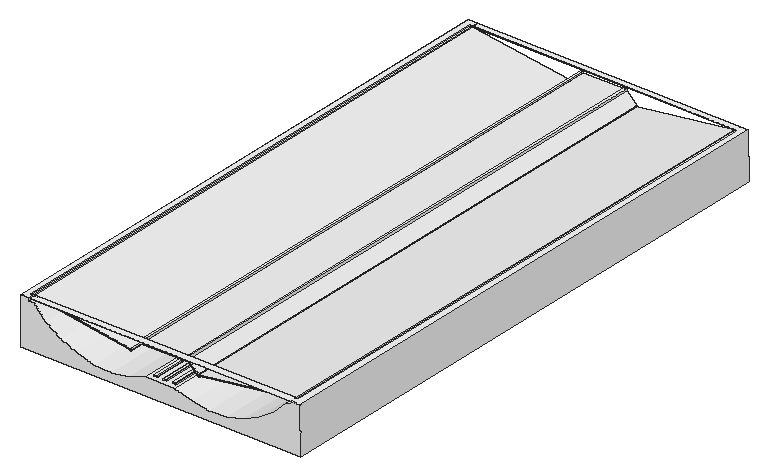
Revit family "MDM", category Lighting Fixtures, host Face, Revit 2014
Parameters (values of type "MDM24")
  Width = 24.00"
  Wattage Comments = ""
  Wattage = 9.2903 W
  Watt = 41 W
  Warranty = "Five year warranty (Terms and Conditions Apply)"  # constant formula
  built-in parameter 1150110 = 1 (stored number, unit not read)
  Voltage = "120-277V"
  URL = "https://www.hubbell.com/hubbellhealthcaresolutions/en"
  built-in parameter 1114217 = 1 (stored number, unit not read)
  Tilt Angle = 60.00°
  built-in parameter 1150109 = 1 (stored number, unit not read)
  built-in parameter 1150134 = 3
  built-in parameter 1150113 = 1 (stored number, unit not read)
  Start = -24.00"
  Product Page URL = "https://www.hubbell.com/hubbellhealthcaresolutions/en/Products/Lighting-Controls/Commercial-Indoor-Lighting/Recessed-Linear-Troffers/MediMode-PowerHUBB/p/2642296"
  Product Material = Paint - Hubbell - Matte White
  Product Documentation Link = "https://hubbellcdn.com/specsheet/HHS204_MEDIMODEPoE_SPEC.pdf"
  Photometric Web File = "generic"
  built-in parameter 1150142 = (empty or 0)
  Model = "MediMode™ PowerHUBB™"  # constant formula
  Manufacturer = "Healthcare Solutions"  # constant formula
  built-in parameter 1150105 = 109.82 (stored number, unit not read)
  Lumens = 1380 lm
  built-in parameter 1150115 = 1 (stored number, unit not read)
  built-in parameter 1150137 = (empty or 0)
  built-in parameter 1150139 = (empty or 0)
  Length = 48.00"
  built-in parameter 1150112 = 1 (stored number, unit not read)
  built-in parameter 1150114 = 1 (stored number, unit not read)
  Lamp = "LED"
  LED = Hubbell - Glass
  Inner Start = Start + 0.50"  # -23.50"
  Inner End = End - 0.50"  # 23.50"
  built-in parameter 1150132 = (empty or 0)
  built-in parameter 1150102 = (empty or 0)
  built-in parameter 1150107 = 3200 (stored number, unit not read)
  built-in parameter 1150138 = (empty or 0)
  built-in parameter 1150106 = 1.0982 (stored number, unit not read)
  Glass = Hubbell - Glass
  Fixture Life = "60,000 HRS"  # constant formula
  Features = "Provides ambient, reading and examination illumination for the patient bed environment\r\nPowerHUBB™ PoE Lighting and Control options available\r\nGrid and flange applications available\r\nAll compartments are lensed for visual comfort and ease of cleaning\r\nAn IP65 rated, full lensed door option further seals the luminairefor enhanced protection\r\nThe optical frame provides tool-less access to the electrical components for easy servicing\r\nStandard antimicrobial finish"  # constant formula
  End = 24.00"
  Emit from Rectangle Width = Width  # 24.00"
  Emit from Rectangle Length = Length  # 48.00"
  Emit Shape Visible in Rendering = no
  built-in parameter 1150104 = 13.8 (stored number, unit not read)
  Dimming Lamp Color Temperature Shift = <None>
  Description = "The MediMode provides the primary lighting needs for the patient environment. The ambient and reading compartment provide a low-glare even illumination while the dedicated compartment for exam lighting delivers 100+ fc for critical examination functions. A full lensed door is available with stainless steel hinge or secured by screws."  # constant formula
  Default Elevation = 48.00"
  Contact Us = "https://www.hubbell.com/hubbelllightingci/en/contactUs"
  Color Rendering Index = "80 CRI , 90CRI"
  Color Filter = 16777215
  Certification = "UL1598,cCSAus,CSA,Wet Loation Listed, IP65 w/Door"  # constant formula
  built-in parameter 1114218 = 1 (stored number, unit not read)
  built-in parameter 1150133 = 10 (stored number, unit not read)
  Application = "Healthcare"  # constant formula
  Apparent Load = 0 VA
Types (3): name | Watt | Start | Length | Inner Start | Inner End | End | Emit from Rectangle Length
  (no name) | 41 W | -24.00" | 48.00" | -23.50" | 23.50" | 24.00" | 48.00"
  MDM22 | 25 W | -12.00" | 24.00" | -11.50" | 11.50" | 12.00" | 24.00"
  MDM24 | 41 W | -24.00" | 48.00" | -23.50" | 23.50" | 24.00" | 48.00"
Reference planes (in)
  plane 1 "Center (Front/Back)": y = 0
  plane 2: z = 0
  plane 3 "Center (Left/Right)": x = 0
  plane 4: y = 24
  plane 5: y = -24
  plane 6: x = -12
  plane 7: x = 12
  plane 8: y = 23.5
  plane 9: x = -11.5
  plane 10: x = 11.5
  plane 11: y = -23.5
  plane 12: z = -2.57
Forms (in)
  Extrusion 1, void
    sketch origin (0, 0, 0) x (1, 0, 0) y (0, 1, 0)
      loop
        line (-12, 24) -> (-12, -24) -> (12, -24) -> (12, 24) -> (-12, 24)
    from -2.5 to 0
  Extrusion 2, solid, material "Hubbell - Glass" <- "Glass"
    sketch origin (0, 0, -2.75) x (1, 0, 0) y (0, 0, 1)
      loop
        line (-12, 2.75) -> (-12, -1.25) -> (12, -1.25) -> (12, 2.75) -> (11.25, 2.75) -> (11.25, 2.5) -> (10.85959, 2.5)
        arc (10.85959, 2.5) -> (6.43751, -0.24522) -> (1.25, 0.18) r 8.30626
        line (1.25, 0.18) -> (-1.25, 0.18)
        arc (-1.25, 0.18) -> (-6.43751, -0.24522) -> (-10.85959, 2.5) r 8.30626
        line (-10.85959, 2.5) -> (-11.25, 2.5) -> (-11.25, 2.75) -> (-12, 2.75)
    from -24 <- "Start" to 24 <- "End"
  Extrusion 3, solid, material "Paint - Hubbell - Matte White" <- "Product Material"
    sketch origin (0, 0, -0.04688) x (1, 0, 0) y (0, 1, 0)
      loop
        line (-12, 24) -> (-12, -24) -> (12, -24) -> (12, 24) -> (-12, 24)
      loop
        line (-11.5, 23.5) -> (-11.5, -23.5) -> (11.5, -23.5) -> (11.5, 23.5) -> (-11.5, 23.5)
    from 0 to 0.05
  Extrusion 4, solid, material "Hubbell - Glass" <- "Glass"
    sketch origin (0, 0, -2.75) x (1, 0, 0) y (0, 0, 1)
      loop
        line (1.77294, 2.50833) -> (-1.78956, 2.50833) -> (-1.78956, 2.25833) -> (1.77294, 2.25833) -> (1.77294, 2.50833)
      loop
        line (11.25, 2.75) -> (2.8916, 1.5753) -> (2.90167, 1.50369) -> (11.25, 2.67697) -> (11.25, 2.75)
      loop
        line (1.94581, 2.45206) -> (1.94581, 2.62489) -> (1.76612, 2.62489) -> (1.76612, 2.53009) -> (1.80835, 2.53009) -> (1.80835, 2.27395) -> (2.02221, 2.27395) -> (2.76675, 1.60566) -> (2.73716, 1.57551) -> (2.86971, 1.44541) -> (2.93281, 1.45404) -> (3.01094, 1.46503) -> (3.00515, 1.50616) -> (2.89853, 1.49117) -> (2.81728, 1.57091) -> (2.86756, 1.62213) -> (1.94581, 2.45206)
      loop
        line (-11.26662, 2.75) -> (-11.26662, 2.67697) -> (-2.91829, 1.50369) -> (-2.90822, 1.5753) -> (-11.26662, 2.75)
      loop
        line (-1.96243, 2.45206) -> (-2.88418, 1.62213) -> (-2.8339, 1.57091) -> (-2.91515, 1.49117) -> (-3.02177, 1.50616) -> (-3.02756, 1.46503) -> (-2.94943, 1.45404) -> (-2.88633, 1.44541) -> (-2.75378, 1.57551) -> (-2.78337, 1.60566) -> (-2.03883, 2.27395) -> (-1.82497, 2.27395) -> (-1.82497, 2.53009) -> (-1.78274, 2.53009) -> (-1.78274, 2.62489) -> (-1.96243, 2.62489) -> (-1.96243, 2.45206)
    from -23.5 <- "Inner Start" to 23.5 <- "Inner End"
  Extrusion 5, solid, material "Hubbell - Glass" <- "LED"
    sketch origin (0, 0, -2.75) x (1, 0, 0) y (0, 0, 1)
      loop
        line (-0.95989, 0.18) -> (-0.65386, 0.18) -> (-0.65386, 0.22114) -> (-0.69785, 0.22114) -> (-0.69785, 0.2655) -> (-0.91591, 0.2655) -> (-0.91591, 0.22114) -> (-0.95989, 0.22114) -> (-0.95989, 0.18)
      loop
        line (-0.15155, 0.18) -> (0.15448, 0.18) -> (0.15448, 0.22114) -> (0.11049, 0.22114) -> (0.11049, 0.2655) -> (-0.10757, 0.2655) -> (-0.10757, 0.22114) -> (-0.15155, 0.22114) -> (-0.15155, 0.18)
      loop
        line (0.95989, 0.18) -> (0.95989, 0.22114) -> (0.91591, 0.22114) -> (0.91591, 0.2655) -> (0.69785, 0.2655) -> (0.69785, 0.22114) -> (0.65386, 0.22114) -> (0.65386, 0.18) -> (0.95989, 0.18)
    from -23.5 <- "Inner Start" to 23.5 <- "Inner End"
Dimensions and locks (in)
  equal spacing: plane 5, plane 1 "Center (Front/Back)", plane 4
  "Length": plane 5 to plane 4
  equal spacing: plane 6, plane 3 "Center (Left/Right)", plane 7
  "Width": plane 6 to plane 7
  locked: plane 5 to plane 11 at 0.5
  locked: plane 6 to plane 9 at 0.5
  locked: plane 10 to plane 7 at 0.5
  locked: plane 8 to plane 4 at 0.5
  aligned and locked: plane 2 to host face
  aligned and locked: level to host face
Automatic sketch dimensions
  host sketch curve to host sketch curve = 96.00"  (x2)
  plane 5 to Extrusion 1 sketch curve = 0.00"
  Extrusion 1 sketch curve to plane 6 = 0.00"
  Extrusion 1 sketch curve to plane 7 = 0.00"
  plane 4 to Extrusion 1 sketch curve = 0.00"
  Extrusion 2 sketch curve to plane 6 = 0.00"
  Extrusion 2 sketch curve to plane 12 = 0.00"
  Extrusion 2 sketch curve to plane 7 = 0.00"
  plane 9 to Extrusion 2 sketch curve = 0.25"
  Extrusion 2 sketch curve to Extrusion 2 sketch curve = 0.39041"
  Extrusion 2 sketch curve to plane 3 "Center (Left/Right)" = 4.48817"
  Extrusion 2 sketch curve to plane 3 "Center (Left/Right)" = 1.25"
  plane 3 "Center (Left/Right)" to Extrusion 2 sketch curve = 1.25"
  plane 3 "Center (Left/Right)" to Extrusion 2 sketch curve = 4.48817"
  Extrusion 2 sketch curve to plane 10 = 0.64041"
  Extrusion 2 sketch curve to plane 10 = 0.25"
  Extrusion 2 sketch curve to level = 4.00"
  Extrusion 2 sketch curve to level = 0.25"  (x2)
  Extrusion 2 sketch curve to Extrusion 2 sketch curve = 0.25"  (x2)
  plane 5 to Extrusion 3 sketch curve = 0.00"
  Extrusion 3 sketch curve to plane 6 = 0.00"
  plane 8 to Extrusion 3 sketch curve = 0.00"
  Extrusion 3 sketch curve to plane 9 = 0.00"
  Extrusion 3 sketch curve to plane 10 = 0.00"
  plane 4 to Extrusion 3 sketch curve = 0.00"
  Extrusion 3 sketch curve to plane 7 = 0.00"
  plane 11 to Extrusion 3 sketch curve = 0.00"
  plane 9 to Extrusion 4 sketch curve = 0.23338"
  Extrusion 4 sketch curve to plane 12 = 1.28503"
  Extrusion 4 sketch curve to plane 3 "Center (Left/Right)" = 3.02756"
  Extrusion 4 sketch curve to plane 12 = 1.32616"  (x2)
  Extrusion 4 sketch curve to Extrusion 4 sketch curve = 0.00579"
  Extrusion 4 sketch curve to plane 12 = 1.27404"  (x2)
  Extrusion 4 sketch curve to plane 12 = 1.32369"  (x2)
  Extrusion 4 sketch curve to Extrusion 4 sketch curve = 0.03114"
  Extrusion 4 sketch curve to plane 12 = 1.31117"  (x2)
  Extrusion 4 sketch curve to plane 12 = 1.3953"  (x2)
  Extrusion 4 sketch curve to Extrusion 4 sketch curve = 0.01006"
  Extrusion 4 sketch curve to plane 12 = 1.26541"  (x2)
  Extrusion 4 sketch curve to Extrusion 4 sketch curve = 0.02882"
  Extrusion 4 sketch curve to Extrusion 4 sketch curve = 0.02405"  (x2)
  Extrusion 4 sketch curve to plane 12 = 1.39091"  (x2)
  Extrusion 4 sketch curve to Extrusion 4 sketch curve = 0.05027"  (x2)
  Extrusion 4 sketch curve to Extrusion 4 sketch curve = 0.05053"  (x2)
  Extrusion 4 sketch curve to plane 12 = 1.39551"
  Extrusion 4 sketch curve to Extrusion 4 sketch curve = 0.02959"  (x2)
  Extrusion 4 sketch curve to Extrusion 4 sketch curve = 0.71495"  (x2)
  Extrusion 4 sketch curve to Extrusion 4 sketch curve = 0.07639"  (x2)
  Extrusion 4 sketch curve to Extrusion 4 sketch curve = 0.13746"  (x2)
  Extrusion 4 sketch curve to Extrusion 4 sketch curve = 0.03541"  (x2)
  Extrusion 4 sketch curve to Extrusion 4 sketch curve = 0.04223"
  plane 3 "Center (Left/Right)" to Extrusion 4 sketch curve = 1.76612"
  Extrusion 4 sketch curve to Extrusion 4 sketch curve = 0.00682"
  Extrusion 4 sketch curve to plane 12 = 1.42566"
  Extrusion 4 sketch curve to plane 12 = 1.44213"
  Extrusion 4 sketch curve to Extrusion 4 sketch curve = 0.05243"
  Extrusion 4 sketch curve to Extrusion 4 sketch curve = 0.00313"
  Extrusion 4 sketch curve to Extrusion 4 sketch curve = 0.03428"
  Extrusion 4 sketch curve to Extrusion 4 sketch curve = 0.07234"
  Extrusion 4 sketch curve to plane 10 = 0.25"
  Extrusion 4 sketch curve to Extrusion 4 sketch curve = 0.68282"
  Extrusion 4 sketch curve to Extrusion 4 sketch curve = 0.01562"  (x2)
  Extrusion 4 sketch curve to Extrusion 4 sketch curve = 0.1781"  (x2)
  Extrusion 4 sketch curve to Extrusion 4 sketch curve = 0.05627"
  Extrusion 4 sketch curve to Extrusion 4 sketch curve = 0.02176"  (x2)
  Extrusion 4 sketch curve to Extrusion 4 sketch curve = 0.0948"  (x2)
  Extrusion 5 sketch curve to plane 12 = 0.00"  (x3)
  Extrusion 5 sketch curve to plane 12 = 0.04114"  (x5)
  Extrusion 5 sketch curve to plane 3 "Center (Left/Right)" = 0.95989"
  Extrusion 5 sketch curve to Extrusion 5 sketch curve = 0.04399"  (x6)
  Extrusion 5 sketch curve to Extrusion 5 sketch curve = 0.21806"  (x2)
  Extrusion 5 sketch curve to plane 3 "Center (Left/Right)" = 0.15155"
  plane 3 "Center (Left/Right)" to Extrusion 5 sketch curve = 0.11049"
  Extrusion 5 sketch curve to Extrusion 5 sketch curve = 0.49938"
  Extrusion 5 sketch curve to Extrusion 5 sketch curve = 0.04114"
  Extrusion 5 sketch curve to Extrusion 5 sketch curve = 0.04436"  (x3)
Connectors (in)
  electrical at (0, 0, -4)
    settings: on Extrusion 2, index 1, voltage 110 V, apparent load 50 VA, apparent load phase1 0 VA, apparent load phase2 0 VA, apparent load phase3 0 VA, power factor 1, load classification "Other", number of poles 1, system type 30, power factor state 1, is connector primary yes, connector utility no, sub classification motor no, connector description "Lighting Connector"
